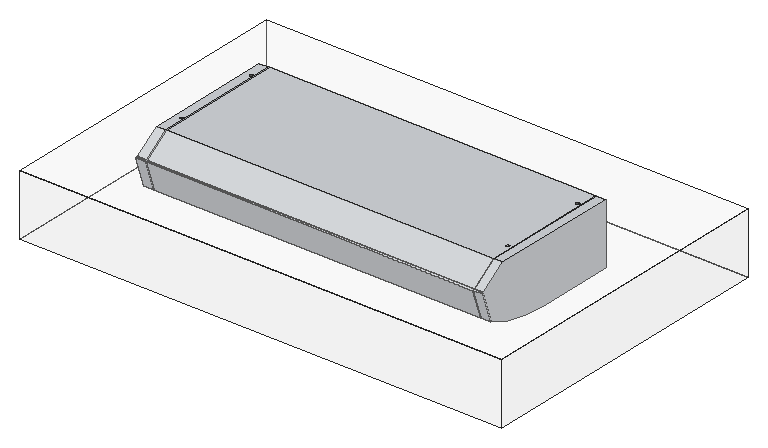
Revit family "pc-rp224_280ba(ca)21_60Hz", category 機械設備, Revit 2019
Family settings
  丸型コネクタ寸法 = 直径を使用
  パーツ タイプ = 標準
  OmniClass 番号 = 23.75.10.24.21.27.27
  OmniClass タイトル = Split System Air Conditioning Units
  作業面ベース = いいえ
  常に垂直 = はい
  ロード時にボイドで切り取り = いいえ
  共有 = いいえ
  部屋計算ポイント = はい
Parameters (values of type "PC-RP224BA21_60Hz")
  騒音レベル（弱）(dB) = 72
  風量（中）（m3／min） = 49
  風量（m3／min） = 58
  風量 = MAX風量  # 3480.0 m³/h
  音響パワーレベル(dB) = 75
  電源種別 = ""
  電圧_電気ヒーター = 0 V
  電圧 = 200 V
  電動機出力_送風機 = 0.32 kW
  運転質量 = 0.00 kg
  連動 = ""
  質量 = if(製品質量 > 運転質量, 製品質量, 運転質量) * 1.2  # 100.80 kg
  負荷分類 = 3_ファン類
  説明 = "店舗・事務所用パッケージエアコン(Mr.SLIM) 天吊形"
  設計暖房能力 [instance] = 0 kW
  設計冷房能力_顕熱 [instance] = 0 kW
  設計冷房能力 [instance] = 0 kW
  設置方法 = "天井吊（露出）形"
  記号 [instance] = ""
  製造元 = "三菱電機株式会社"
  製品質量 = 84.00 kg
  製品出荷対象 = "国内"
  製品リリース年月 = "2025/5/12"
  製品グループ = ""
  系統 [instance] = ""
  符号 = "PAC-CR"
  積算_科目 = "1 空気調和設備"
  積算_拾い区分 [instance] = ""
  相_電気ヒーター = 1
  相 = 1
  盤記号 [instance] = ""
  発停方法 = ""
  特殊仕様 [instance] = ""
  火災停止 = ""
  消費電力_電気ヒーター = 0 kW
  消費電力_暖房 = 0.7 kW
  消費電力_冷房 = 0.7 kW
  消費電力 = if(消費電力_冷房 > 消費電力_暖房, 消費電力_冷房, 消費電力_暖房) + 消費電力_電気ヒーター  # 0.7 kW
  法定耐用年数 = "15"
  極数 = 3
  材質 [instance] = ""
  本体マテリアル = none
  暖房能力 = 22.4 kW
  形式 = "天井吊（露出）形"
  幹線記号 [instance] = ""
  始動方式 = "直入"
  呼称 = "室内機 天井吊(露出)形"
  周波数 = 60 Hz
  吊りボルト幅 = 1694 mm
  台数_手元リモコン [instance] = ""
  台数_冷媒分岐ユニット [instance] = ""
  参照している仕様書等のバージョン = "公共建築工事標準仕様書（機械設備工事編）平成31年度版"
  分類コード = "50053003123090"
  分類グループ = ""
  冷房能力 = 20 kW
  冷媒高低圧ガス管径 = 0.00 mm
  冷媒管径符号 = "Bg"
  冷媒管径 = 100.00 mm
  冷媒液管径 = 9.52 mm
  冷媒ガス管径 = 25.40 mm
  価格 = 0
  企業コード = "108420"
  付属品_フィルター = ""
  付属品 [instance] = ""
  仕様書バージョン = "Version1.0"
  モデル = "PC-RP224BA21"
  ドレン管径 = 25.40 mm
  コメント [instance] = ""
  Keynote = ""
  Width = 1800 mm
  Version = ""
  Uniclass2015Version = "Systems v1.9"
  Uniclass2015Title = "Split coil remote air cooled condensing units"
  Uniclass2015Code = "Pr_70_65_03_84"
  URL = "https://www.mitsubishielectric.co.jp/ldg/wink/qr/002/338250/"
  SpecificationReference = ""
  SpecificationDescription = ""
  Revision = ""
  ProductInformation = ""
  OmniClassCode = "23-33 17 13 11"
  MID風量 = 風量（中）（m3／min） * 60.0 m³/h  # 2940.0 m³/h
  MAX風量 = 風量（m3／min） * 60.0 m³/h  # 3480.0 m³/h
  IfcTypeProduct = ""
  IfcProduct = ""
  IfcExportType = "AIRCONDITIONINGUNIT"
  IfcExportAs = "IfcUnitaryEquipmentType"
  Height = 320 mm
  Depth = 800 mm
  Author = "三菱電機株式会社"
Types (4, lengths in mm): name | 騒音レベル（弱）(dB) | 風量（中）（m3／min） | 風量（m3／min） | 風量 | 音響パワーレベル(dB) | 電動機出力_送風機 | 質量 | 製品質量 | 消費電力_暖房 | 消費電力_冷房 | 消費電力 | 暖房能力 | 吊りボルト幅 | 冷房能力 | 冷媒管径符号 | 冷媒液管径 | モデル | Width | URL | MID風量 | MAX風量
  PC-RP224BA21_60Hz | 72 | 49 | 58 | 3480.0 m³/h | 75 | 0.32 kW | 100.80 kg | 84.00 kg | 0.7 kW | 0.7 kW | 0.7 kW | 22.4 kW | 1694 | 20 kW | "Bg" | 9.52 | "PC-RP224BA21" | 1800 | "https://www.mitsubishielectric.co.jp/ldg/wink/qr/002/338250/" | 2940.0 m³/h | 3480.0 m³/h
  PC-RP280BA21_60Hz | 76 | 60 | 70 | 4200.0 m³/h | 78 | 0.35 kW | 121.20 kg | 101.00 kg | 0.91 kW | 0.91 kW | 0.91 kW | 28 kW | 1994 | 25 kW | "Cg" | 12.70 | "PC-RP280BA21" | 2100 | "https://www.mitsubishielectric.co.jp/ldg/wink/qr/002/338251/" | 3600.0 m³/h | 4200.0 m³/h
  PC-RP224CA21_60Hz | 72 | 49 | 58 | 3480.0 m³/h | 75 | 0.32 kW | 100.80 kg | 84.00 kg | 0.7 kW | 0.7 kW | 0.7 kW | 22.4 kW | 1694 | 20 kW | "Bg" | 9.52 | "PC-RP224CA21" | 1800 | "https://www.mitsubishielectric.co.jp/ldg/wink/qr/002/338252/" | 2940.0 m³/h | 3480.0 m³/h
  PC-RP280CA21_60Hz | 76 | 60 | 70 | 4200.0 m³/h | 78 | 0.35 kW | 121.20 kg | 101.00 kg | 0.91 kW | 0.91 kW | 0.91 kW | 28 kW | 1994 | 25 kW | "Cg" | 12.70 | "PC-RP280CA21" | 2100 | "https://www.mitsubishielectric.co.jp/ldg/wink/qr/002/338220/" | 3600.0 m³/h | 4200.0 m³/h
Reference planes
  plane 1 "中心(正面/背面)": y = 0
  plane 2: z = 0
  plane 3 "中心(左/右)": x = 0
  plane 4: y = -400
  plane 5: y = 400
  plane 6: x = -900
  plane 7: x = 900
  plane 8: y = -900
  plane 9: z = -320
  plane 10: y = 700
  plane 11: x = -1100
  plane 12: x = 1400
  plane 13: x = -861
  plane 14: x = 833
  plane 15: y = 300
  plane 16: y = -150
Lines and regions (mm)
  Masking region 1, detail levels coarse+medium
    outline origin (0, 0, 0) x (1, 0, 0) y (0, 1, 0)
      loop
        line (-900, -400) -> (900, -400) -> (900, 400) -> (-900, 400) -> (-900, -400)
Dimensions and locks
  "Depth": plane 4 to plane 5
  "Width": plane 6 to plane 7
  locked: plane 8 to plane 4 at 500
  equal spacing: plane 4, plane 1 "中心(正面/背面)", plane 5
  equal spacing: plane 6, plane 3 "中心(左/右)", plane 7
  "Height": level to plane 9
  locked: plane 5 to plane 10 at 300
  locked: plane 11 to plane 6 at 200
  locked: plane 7 to plane 12 at 500
  plane 16 to plane 15 to plane 5 = 450 mm locked, 100 mm locked
  locked: plane 6 to plane 13 at 39
  "吊りボルト幅": plane 13 to plane 14
  aligned and locked: level to plane 2
  aligned and locked: plane 3 "中心(左/右)" to nested 1
  aligned and locked: plane 1 "中心(正面/背面)" to nested 1
  aligned and locked: level to nested 1
  aligned and locked: plane 11 to nested 2
  aligned and locked: plane 12 to nested 2
  aligned and locked: plane 10 to nested 2
  aligned and locked: plane 8 to nested 2
  aligned and locked: plane 9 to nested 2
  aligned and locked: plane 2 to nested 2
  aligned and locked: plane 16 to nested 3
  aligned and locked: plane 13 to nested 3
  aligned and locked: plane 15 to nested 3
  aligned and locked: nested 3 to plane 14
Automatic sketch dimensions
  plane 5 to Masking region 1 sketch curve = 0 mm
  Masking region 1 sketch curve to plane 6 = 0 mm
  Masking region 1 sketch curve to plane 7 = 0 mm
  plane 4 to Masking region 1 sketch curve = 0 mm
Nested families
  nested 1: "PC-RP-BA" at (0, 0, -320), 幅 <- "Width", 奥行き <- "Depth", 高さ <- "Height", ドレン配管サイズ <- "ドレン管径", 液配管サイズ <- "冷媒管径", type "PC-RP-BA"
    with 高さ 320 mm, 配線取出口サイズ 26 mm, 配線取出口-Z 0 mm, 配線取出口-Y 0 mm, 配線取出口-X 0 mm, 液配管サイズ 100 mm, 幅 1800 mm, 奥行き 800 mm, 吊りボルト_径 15 mm, 吊りボルト-W 1694 mm, 吊りボルト-D 450 mm, 冷媒配管サイズ 6.35 mm, 冷媒液管径-Z 184 mm, 冷媒液管径-Y 90 mm, 冷媒液管径-X 127 mm, 冷媒ガス管径-Z 106 mm, 冷媒ガス管径-Y 90 mm, 冷媒ガス管径-X 207 mm, ドレン配管サイズ 25.4 mm, ドレン管径-Z 36 mm, ドレン管径-Y 196 mm, ドレン管径-X 134 mm, ガス配管サイズ 12.7 mm
  nested 2: "サービススペース(PC-RP-BA)" at (150, -100, -160), type "サービススペース(PC-RP-BA)"
    with Width 2500 mm, Height 320 mm, Depth 1600 mm
  nested 3: "固定点" at (-861, -150, 0), W <- "吊りボルト幅", type "固定点"
    with W 1694 mm, D 450 mm
Connectors
  piping at (733, 310, -175), diameter 100, driven by "冷媒管径", driven by "冷媒管径符号"
    settings: on nested 1, index 1, connector inside diameter 609.60 mm, connector length 0 mm, flow factor 0, pipe flow 0.0 L/s, pressure drop 0.0 Pa, fitting loss kfactor 0, connector angle 0.00°, fixture units 0, engagement length 0 mm, angle of deflection 0.00°, flow configuration 1, flow direction 1, fitting loss method 4, system type 7, joint type 0, gender type 0, connector reference index -1, connector utility 0, adjustable connector no, is connector primary yes, connector description "Bg"
  piping at (766, 204, -284), diameter 25.4, driven by "ドレン管径"
    settings: on nested 1, index 2, connector inside diameter 609.60 mm, connector length 0 mm, flow factor 0, pipe flow 0.0 L/s, pressure drop 0.0 Pa, fitting loss kfactor 0, connector angle 0.00°, fixture units 0, engagement length 0 mm, angle of deflection 0.00°, flow configuration 1, flow direction 2, fitting loss method 4, system type 16, joint type 0, gender type 0, connector reference index -1, connector utility 0, adjustable connector no, is connector primary no, connector description ""
  electrical at (900, -125.125, -142.5), driven by "極数", driven by "負荷分類", driven by "電圧", driven by "消費電力"
    settings: on nested 1, index 3, voltage 200 V, apparent load 700 VA, apparent load phase1 0 VA, apparent load phase2 0 VA, apparent load phase3 0 VA, power factor 1, load classification "3_ファン類", number of poles 3, system type 30, power factor state 1, is connector primary yes, connector utility no, sub classification motor no, connector description ""
Definition of nested family "PC-RP-BA"
  Parameters (values of type "PC-RP-BA")
    配線取出口サイズ [instance] = 26 mm
    配線取出口-Z [instance] = 0 mm
    配線取出口-Y [instance] = 0 mm
    配線取出口-X [instance] = 0 mm
    液配管サイズ [instance] = 100 mm
    高さ [instance] = 320 mm
    奥行き [instance] = 800 mm
    吊りボルト_径 [instance] = 15 mm
    冷媒配管サイズ [instance] = 6.35 mm
    冷媒液管径-Z [instance] = 184 mm
    冷媒液管径-Y [instance] = 90 mm
    冷媒液管径-X [instance] = 127 mm
    冷媒ガス管径-Z [instance] = 106 mm
    冷媒ガス管径-Y [instance] = 90 mm
    冷媒ガス管径-X [instance] = 207 mm
    吊りボルト-W [instance] = 幅 - 106 mm  # 1694 mm
    ドレン配管サイズ [instance] = 26 mm
    ドレン管径-Z [instance] = 36 mm
    ドレン管径-Y [instance] = 196 mm
    ドレン管径-X [instance] = 134 mm
    ガス配管サイズ [instance] = 12.7 mm
    吊りボルト-D [instance] = 450 mm
    幅 [instance] = 1800 mm
  Reference planes
    plane 1 "中心(正面/背面)": y = 0
    plane 2: z = 0
    plane 3 "中心(左/右)": x = 0
    plane 4: z = 240
    plane 5: x = -900
    plane 6: x = 900
    plane 7: y = 400
    plane 8: y = -400
    plane 9: y = -349
    plane 10: y = -390
    plane 11: y = -395
    plane 12: z = 124
    plane 13: z = 212
    plane 14: z = 230
    plane 15: z = 235
    plane 16: z = 80
    plane 17: x = -850
    plane 18: x = 850
    plane 19: y = 146
    plane 20: z = 145
    plane 21: z = 50
    plane 22: x = 693
    plane 23: x = 773
    plane 24: x = 733
    plane 25: x = 766
    plane 26: y = 310
    plane 27: y = 204
    plane 28: y = 405
    plane 29: z = 210
    plane 30: z = 320
    plane 31: y = 210
    plane 32: z = 184
    plane 33: z = 106
    plane 34: z = 36
    plane 35: y = 104
    plane 36: z = 319
    plane 37: x = -861
    plane 38: x = 833
    plane 39: y = 300
    plane 40: y = -150
  Forms (mm)
    Extrusion 1, solid, detail levels fine
      sketch origin (900, 1296.25, 1200) x (0, 1, 0) y (0, 0, 1)
        loop
          line (-1563.25, -880) -> (-1686.25, -965) -> (-1691.25, -965) -> (-1696.25, -970) -> (-1645.25, -1120)
          arc (-1645.25, -1120) -> (-1475.276, -1179.744) -> (-1296.25, -1200) r 801.256
          line (-1296.25, -1200) -> (-896.25, -1200) -> (-896.25, -880) -> (-1563.25, -880)
      from -1750 to -50
    Extrusion 2, solid, detail levels fine
      sketch origin (0, 0, 0) x (1, 0, 0) y (0, 0, 1)
        loop
          circle (733, 145) r 50
      from -310 to -210
    Extrusion 3, solid, detail levels fine
      sketch origin (900, 1296.25, 1200) x (0, 1, 0) y (0, 0, 1)
        loop
          line (-896.25, -880) -> (-1563.25, -880) -> (-1686.25, -965) -> (-1691.25, -965) -> (-1696.25, -970) -> (-1645.25, -1120)
          arc (-1645.25, -1120) -> (-1475.276, -1179.744) -> (-1296.25, -1200) r 801.256
          line (-1296.25, -1200) -> (-896.25, -1200) -> (-896.25, -880)
      from -50 to 0
    Extrusion 4, solid, detail levels fine
      sketch origin (900, 1296.25, 1200) x (0, 1, 0) y (0, 0, 1)
        loop
          line (-896.25, -880) -> (-1563.25, -880) -> (-1686.25, -965) -> (-1691.25, -965) -> (-1696.25, -970) -> (-1645.25, -1120)
          arc (-1645.25, -1120) -> (-1475.276, -1179.744) -> (-1296.25, -1200) r 801.256
          line (-1296.25, -1200) -> (-896.25, -1200) -> (-896.25, -880)
      from -1800 to -1750
    Extrusion 5, solid, detail levels fine
      sketch origin (0, 0, 0) x (1, 0, 0) y (0, 0, 1)
        loop
          circle (766, 36) r 13
      from -204 to -104
    Extrusion 6, void
      sketch origin (-1437.329, -1524, 240) x (0, -1, 0) y (-1, 0, 0)
        loop
          circle (-1374, -2270.329) r 7.5
        loop
          circle (-1824, -2270.329) r 7.5
        loop
          circle (-1824, -576.329) r 7.5
        loop
          circle (-1374, -576.329) r 7.5
      from -80 to -79
  Cuts and joins
    Extrusion 6 cuts Extrusion 1
    Extrusion 6 cuts Extrusion 4
  Lines and regions (mm)
    model lines, detail levels fine
      curve 1: line (850, -392.127, 206.843) -> (-850, -392.127, 206.843)
      curve 2: line (-850, -357.48, 104.94) -> (850, -357.48, 104.94)
      curve 3: line (-850, 370, 0) -> (-850, 146, 0)
      curve 4: line (850, 370, 0) -> (850, 146, 0)
      curve 5: line (850, 370, 0) -> (-850, 370, 0)
      curve 6: line (850, 146, 0) -> (-850, 146, 0)
      curve 7: line (850, 354, 0) -> (-850, 354, 0)
      curve 8: line (850, 338, 0) -> (-850, 338, 0)
      curve 9: line (850, 322, 0) -> (-850, 322, 0)
      curve 10: line (850, 306, 0) -> (-850, 306, 0)
      curve 11: line (850, 290, 0) -> (-850, 290, 0)
      curve 12: line (850, 274, 0) -> (-850, 274, 0)
      curve 13: line (850, 258, 0) -> (-850, 258, 0)
      curve 14: line (850, 242, 0) -> (-850, 242, 0)
      curve 15: line (850, 226, 0) -> (-850, 226, 0)
      curve 16: line (850, 210, 0) -> (-850, 210, 0)
      curve 17: line (850, 194, 0) -> (-850, 194, 0)
      curve 18: line (850, 178, 0) -> (-850, 178, 0)
      curve 19: line (850, 162, 0) -> (-850, 162, 0)
  Dimensions and locks
    equal spacing: plane 8, plane 1 "中心(正面/背面)", plane 7
    "奥行き": plane 8 to plane 7
    equal spacing: plane 5, plane 3 "中心(左/右)", plane 6
    "幅": plane 5 to plane 6
    locked: plane 8 to plane 11 at 5
    locked: plane 8 to plane 10 at 10
    locked: plane 8 to plane 9 at 51
    locked: plane 15 to level at 235
    locked: plane 16 to level at 80
    plane 17 to plane 18 = 1700 mm
    locked: plane 5 to plane 17 at 50
    locked: plane 18 to plane 6 at 50
    locked: plane 13 to plane 12 at 88
    locked: plane 19 to plane 7 at 254
    locked: plane 4 to plane 21 at 190
    equal spacing: plane 22, plane 24, plane 23
    "ドレン管径-X": plane 25 to plane 6
    locked: plane 27 to plane 7 at 196
    locked: plane 26 to plane 7 at 90
    locked: plane 7 to plane 28 at 5
    locked: plane 4 to plane 29 at 30
    locked: plane 30 to plane 4 at 80
    "高さ": plane 30 to level
    locked: plane 12 to plane 16 at 44
    locked: plane 15 to plane 14 at 5
    "冷媒液管径-X": plane 23 to plane 6
    "冷媒ガス管径-X": plane 22 to plane 6
    locked: plane 31 to plane 26 at 100
    equal spacing: plane 32, plane 20, plane 33
    "冷媒ガス管径-Z": plane 33 to level
    "冷媒液管径-Z": plane 32 to level
    "ドレン管径-Z": plane 34 to level
    locked: plane 35 to plane 27 at 100
    locked: plane 30 to plane 36 at 1
    "吊りボルト-W": plane 37 to plane 38
    locked: plane 5 to plane 37 at 39
    "吊りボルト-D": plane 40 to plane 39
    locked: plane 39 to plane 7 at 100
    "液配管サイズ": diameter of Extrusion 2 sketch curve
    "ドレン配管サイズ": diameter of Extrusion 5 sketch curve
    "吊りボルト_径": diameter of Extrusion 6 sketch curve  (x4)
    aligned and locked: level to plane 2
    aligned and locked: Extrusion 1 sketch curve to plane 7
    aligned and locked: Extrusion 1 sketch curve to level
    aligned and locked: plane 15 to Extrusion 1 sketch curve
    aligned and locked: plane 14 to Extrusion 1 sketch curve
    aligned and locked: plane 16 to Extrusion 1 sketch curve
    aligned and locked: curve 3 to plane 17
    aligned and locked: curve 4 to plane 18
    aligned and locked: curve 6 to plane 19
    aligned and locked: plane 24 to Extrusion 2 sketch curve
    aligned and locked: plane 20 to Extrusion 2 sketch curve
    aligned and locked: Extrusion 2 to plane 26
    aligned and locked: plane 18 to Extrusion 1
    aligned and locked: Extrusion 1 to plane 17
    aligned and locked: Extrusion 1 sketch curve to plane 30
    aligned and locked: Extrusion 3 sketch curve to Extrusion 1  (x7)
    aligned and locked: Extrusion 3 to Extrusion 1
    aligned and locked: plane 6 to Extrusion 3
    aligned and locked: Extrusion 4 sketch curve to Extrusion 3  (x7)
    aligned and locked: Extrusion 4 to plane 5
    aligned and locked: Extrusion 4 to Extrusion 1
    aligned and locked: plane 31 to Extrusion 2
    aligned and locked: plane 25 to Extrusion 5 sketch curve
    aligned and locked: plane 34 to Extrusion 5 sketch curve
    aligned and locked: Extrusion 5 to plane 27
    aligned and locked: plane 35 to Extrusion 5
    aligned and locked: plane 37 to Extrusion 6 sketch curve  (x2)
    aligned and locked: plane 40 to Extrusion 6 sketch curve  (x2)
    aligned and locked: plane 39 to Extrusion 6 sketch curve  (x2)
    aligned and locked: plane 38 to Extrusion 6 sketch curve  (x2)
    aligned and locked: Extrusion 6 to plane 36
    aligned and locked: Extrusion 1 to Extrusion 6
  Automatic sketch dimensions
    Extrusion 1 sketch curve to plane 8 = 0 mm
    Extrusion 1 sketch curve to plane 11 = 0 mm
    Extrusion 1 sketch curve to plane 10 = 0 mm
    Extrusion 1 sketch curve to plane 9 = 0 mm
    Extrusion 1 sketch curve to plane 9 = 82 mm
    Extrusion 1 sketch curve to plane 1 "中心(正面/背面)" = 0 mm
    Extrusion 1 to curve 2 = 0 mm  (x2)
    Extrusion 1 to curve 1 = 24.459 mm
    plane 7 to curve 4 = 30 mm
    curve 19 to plane 19 = 16 mm
    curve 19 to curve 18 = 16 mm
    curve 18 to curve 17 = 16 mm
    curve 17 to curve 16 = 16 mm
    curve 16 to curve 15 = 16 mm
    curve 15 to curve 14 = 16 mm
    curve 14 to curve 13 = 16 mm
    curve 13 to curve 12 = 16 mm
    curve 12 to curve 11 = 16 mm
    curve 11 to curve 10 = 16 mm
    curve 10 to curve 9 = 16 mm
    curve 9 to curve 8 = 16 mm
    curve 8 to curve 7 = 16 mm
    curve 2 to Extrusion 1 = 26.342 mm
    Extrusion 1 to curve 1 = 0 mm  (x2)
Definition of nested family "サービススペース(PC-RP-BA)"
  Parameters (values of type "サービススペース")
    Width [instance] = 500 mm
    Height [instance] = 500 mm
    Depth [instance] = 500 mm
  Reference planes
    plane 1 "中心(正面/背面)": y = 0
    plane 2: z = 0
    plane 3 "中心(左/右)": x = 0
    plane 4: y = -250
    plane 5: x = 250
    plane 6: y = 250
    plane 7: x = -250
    plane 8: z = 250
    plane 9: z = -250
  Forms (mm)
    Extrusion 1, solid
      sketch origin (-638.939, 0, 72.39) x (1, 0, 0) y (0, 1, 0)
        loop
          line (388.939, 250) -> (388.939, -250) -> (888.939, -250) -> (888.939, 250) -> (388.939, 250)
      from -322.39 to 177.61
  Lines and regions (mm)
    symbolic lines
      curve 1: line (-250, 0, 250) -> (250, 0, 250)
      curve 2: line (-250, 0, -250) -> (-250, 0, 250)
      curve 3: line (250, 0, -250) -> (-250, 0, -250)
      curve 4: line (250, 0, 250) -> (250, 0, -250)
      curve 5: line (0, -250, 250) -> (0, 250, 250)
      curve 6: line (0, -250, -250) -> (0, -250, 250)
      curve 7: line (0, 250, -250) -> (0, -250, -250)
      curve 8: line (0, 250, 250) -> (0, 250, -250)
      curve 9: line (-250, 250, 0) -> (250, 250, 0)
      curve 10: line (-250, -250, 0) -> (-250, 250, 0)
      curve 11: line (250, -250, 0) -> (-250, -250, 0)
      curve 12: line (250, 250, 0) -> (250, -250, 0)
  Dimensions and locks
    equal spacing: plane 7, plane 3 "中心(左/右)", plane 5
    equal spacing: plane 4, plane 1 "中心(正面/背面)", plane 6
    "Depth": plane 4 to plane 6
    "Width": plane 7 to plane 5
    equal spacing: plane 8, plane 2, plane 9
    "Height": plane 8 to plane 9
    aligned and locked: plane 9 to curve 3
    aligned and locked: plane 7 to curve 2
    aligned and locked: curve 4 to plane 5
    aligned and locked: plane 5 to Extrusion 1
    aligned and locked: Extrusion 1 to plane 7
    aligned and locked: Extrusion 1 to plane 9
    aligned and locked: plane 8 to Extrusion 1
    aligned and locked: plane 9 to curve 7
  Automatic sketch dimensions
    plane 4 to Extrusion 1 sketch curve = 0 mm
    Extrusion 1 sketch curve to plane 7 = 0 mm
    Extrusion 1 sketch curve to plane 5 = 0 mm
    plane 6 to Extrusion 1 sketch curve = 0 mm
    curve 2 to plane 8 = 0 mm
    plane 4 to curve 11 = 0 mm
    curve 11 to plane 7 = 0 mm
    curve 11 to plane 5 = 0 mm
    plane 6 to curve 10 = 0 mm
    curve 7 to plane 4 = 0 mm
    curve 7 to plane 6 = 0 mm
    curve 6 to plane 8 = 0 mm
Definition of nested family "固定点"
  Parameters (values of type "固定点")
    中心円 = 20 mm
    W [instance] = 1000 mm
    D [instance] = 1000 mm
  Reference planes
    plane 1 "中心(正面/背面)": y = 0
    plane 2: z = 0
    plane 3 "中心(左/右)": x = 0
    plane 4: x = 1000
    plane 5: y = 1000
  Lines and regions (mm)
    symbolic lines, detail levels fine
      curve 1: circle (0, 1000, 0) r 10 normal (0, 0, 1)
      curve 2: circle (0, 0, 0) r 10 normal (0, 0, 1)
      curve 3: circle (1000, 1000, 0) r 10 normal (0, 0, 1)
      curve 4: circle (1000, 0, 0) r 10 normal (0, 0, 1)
      curve 5: line (-200, 1000, 0) -> (1200, 1000, 0)
      curve 6: line (-200, 0, 0) -> (1200, 0, 0)
      curve 7: line (0, 1200, 0) -> (0, -200, 0)
      curve 8: line (1000, 1200, 0) -> (1000, -200, 0)
  Dimensions and locks
    "W": plane 3 "中心(左/右)" to plane 4
    "D": plane 1 "中心(正面/背面)" to plane 5
    "中心円": diameter of curve 1
    "中心円": diameter of curve 2
    "中心円": diameter of curve 3
    "中心円": diameter of curve 4
    aligned and locked: level to plane 2
    aligned and locked: plane 5 to curve 1
    aligned and locked: plane 3 "中心(左/右)" to curve 1
    aligned and locked: plane 3 "中心(左/右)" to curve 2
    aligned and locked: plane 1 "中心(正面/背面)" to curve 2
    aligned and locked: plane 4 to curve 3
    aligned and locked: plane 5 to curve 3
    aligned and locked: plane 1 "中心(正面/背面)" to curve 4
    aligned and locked: plane 4 to curve 4
    aligned and locked: plane 1 "中心(正面/背面)" to curve 6
    aligned and locked: curve 7 to plane 3 "中心(左/右)"
    aligned and locked: curve 8 to plane 4
  Automatic sketch dimensions
    curve 5 to plane 5 = 0 mm
    curve 6 to plane 3 "中心(左/右)" = 200 mm
    curve 5 to plane 3 "中心(左/右)" = 200 mm
    curve 4 to curve 6 = 200 mm
    curve 3 to curve 5 = 200 mm
    plane 1 "中心(正面/背面)" to curve 8 = 200 mm
    plane 1 "中心(正面/背面)" to curve 7 = 200 mm
    curve 3 to curve 8 = 200 mm
    curve 1 to curve 7 = 200 mm
